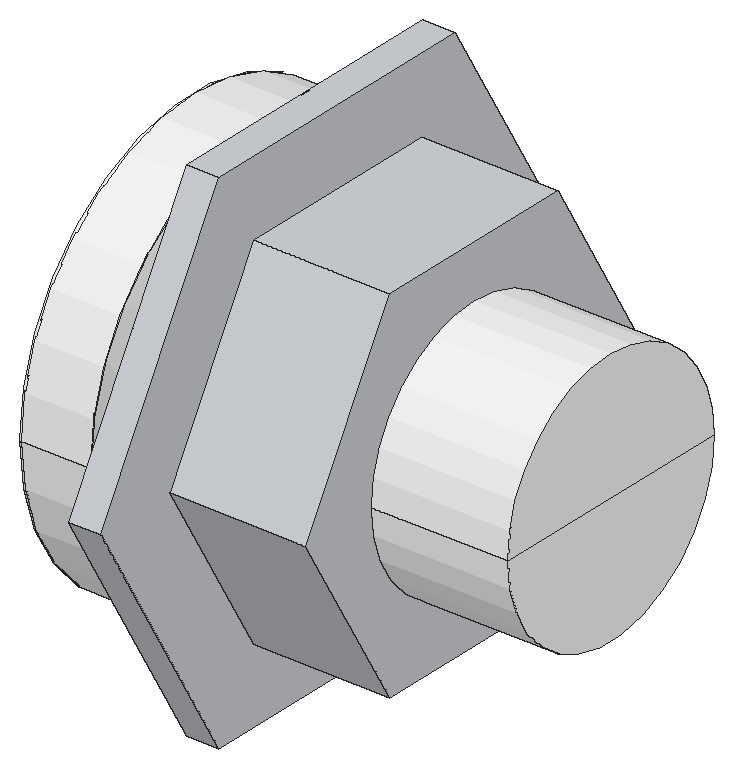
Revit family "BIMLIB_Американка НР_РОСТерм", category Соединительные детали трубопроводов, Revit 2017
Family settings
  Размер круглого соединителя = Использовать диаметр
  Тип детали = Соединение
  На основе рабочей плоскости = Нет
  Всегда вертикально = Да
  При загрузке вырезать с полостями = Нет
  Общий = Нет
Parameters (values of type "Муфта разъемная (американка) HP")
  Описание = "Муфта разъемная (американка) наружная резьба"  # constant formula
  K Coefficient = 0.7  # constant formula
  Изготовитель = "РОСТерм"
  РТ_dL [instance] = РТ_L - РТ_L1 * 2  # 18 mm
  URL = "http://rostherm.ru/"
  РТ_S2 [instance] = size_lookup("Муфта разъемная (американка) HP", "РТ_S2", 0 mm, РТ_DN, РТ_GN)  # 63.5 mm
  РТ_S1 [instance] = size_lookup("Муфта разъемная (американка) HP", "РТ_S1", 0 mm, РТ_DN, РТ_GN)  # 45 mm
  РТ_L1 [instance] = size_lookup("Муфта разъемная (американка) HP", "РТ_L1", 0 mm, РТ_DN, РТ_GN)  # 17 mm
  РТ_L [instance] = size_lookup("Муфта разъемная (американка) HP", "РТ_L", 0 mm, РТ_DN, РТ_GN)  # 52 mm
  РТ_GN [instance] = 32 mm
  РТ_D_нар [instance] = РТ_DN * 1.35  # 54 mm
  РТ_DN [instance] = 40 mm
  РТ_D [instance] = РТ_D_нар + 10 mm  # 64 mm
  BL_Разработано = "support@bimlib.ru"  # constant formula
  BL_Email = "rostherm@bimlib.ru"  # constant formula
  BL_BIM library = "https://bimlib.pro/manufacturer/rosterm/1632/"
  ADSK_Примечание = ""
  ADSK_Позиция = ""
  ADSK_Обозначение = "ГОСТ 32415-2013"  # constant formula
  ADSK_Наименование краткое [instance] = size_lookup("КРнаим", "", "-", РТ_DN, РТ_GN)  # "Американка НР 40х1 1/4”"
  ADSK_Наименование [instance] = size_lookup("Муфта разъемная (американка) HP", "", "-", РТ_DN, РТ_GN)  # "Муфта разъемная (американка) наружная резьба 40x1 1/4”"
  ADSK_Материал = BIMLIB_Белый_РТ
  ADSK_Масса_Текст [instance] = ""
  ADSK_Масса = 1  # constant formula
  ADSK_Марка [instance] = size_lookup("марка", "", "-", РТ_DN, РТ_GN)  # "НР 40х1 1/4”"
  ADSK_Код изделия [instance] = size_lookup("код", "", "-", РТ_DN, РТ_GN)  # "BN21314"
  ADSK_Завод-изготовитель = "РОСТерм"  # constant formula
  ADSK_Единица измерения = "шт"  # constant formula
  ADSK_Версия Revit = "2017"
  ADSK_URL страницы изделия = "http://rostherm.ru/truby-i-fitingi-iz-polipropilena-pprt/"
  ADSK_URL документации изделия = "http://rostherm.ru/"
Reference planes
  plane 1 "По центру (Вперед/Назад)": y = 0
  plane 2: z = 0
  plane 3 "По центру (Влево/Вправо)": x = 0
  plane 4: x = -9
  plane 5: x = 9
  plane 6: y = 27
  plane 7: y = -27
  plane 8: x = 26
  plane 9: x = 5
  plane 10: y = 27
  plane 11: y = -27
  plane 12: y = 31.75
  plane 13: y = -31.75
  plane 14: x = 43
  plane 15: y = 16
  plane 16: y = -16
Forms (mm)
  Revolve 1, solid, material "BIMLIB_Белый_РТ" <- "ADSK_Материал", detail levels medium+fine
    sketch origin (0, 0, 0) x (1, 0, 0) y (0, 1, 0)
      loop
        arc (-8.5, 27) -> (-8.854, 26.854) -> (-9, 26.5) r 0.5
        line (-9, 26.5) -> (-9, 0) -> (0, 0) -> (0, 27) -> (-8.5, 27)
      axis (-9, 0) -> (0, 0)
    angle from 0 to 360
  Revolve 2, solid, material "BIMLIB_Белый_РТ" <- "ADSK_Материал", detail levels medium+fine
    sketch origin (0, 0, 0) x (1, 0, 0) y (0, 1, 0)
      loop
        line (0, 0) -> (5, 0) -> (5, 31.75) -> (0, 27) -> (0, 0)
      axis (0, 0) -> (5, 0)
    angle from 0 to 360
  Revolve 3, solid, material "BIMLIB_Белый_РТ" <- "ADSK_Материал", detail levels medium+fine
    sketch origin (0, 0, 0) x (1, 0, 0) y (0, 1, 0)
      loop
        line (26, 16) -> (26, 0) -> (43, 0) -> (43, 16) -> (26, 16)
      axis (26, 0) -> (43, 0)
    angle from 0 to 360
Lines and regions (mm)
  reference lines
    curve 1: line (-9, 0, 0) -> (26, 0, 0)
Dimensions and locks
  equal spacing: plane 4, plane 3 "По центру (Влево/Вправо)", plane 5
  "РТ_dL": plane 4 to plane 5
  equal spacing: plane 6, plane 1 "По центру (Вперед/Назад)", plane 7
  "РТ_D_нар": plane 6 to plane 7
  plane 3 "По центру (Влево/Вправо)" to plane 9 = 5 mm
  equal spacing: plane 10, plane 1 "По центру (Вперед/Назад)", plane 11
  "РТ_D_нар": plane 10 to plane 11
  equal spacing: plane 12, plane 1 "По центру (Вперед/Назад)", plane 13
  "РТ_S2": plane 12 to plane 13
  "РТ_L": plane 4 to plane 14
  "РТ_L1": plane 8 to plane 14
  equal spacing: plane 15, plane 1 "По центру (Вперед/Назад)", plane 16
  "РТ_GN": plane 15 to plane 16
  radius of Revolve 1 sketch curve = 0.5 mm
  aligned and locked: level to plane 2
  aligned and locked: Revolve 1 sketch curve to plane 6
  aligned and locked: plane 4 to Revolve 1 sketch curve
  aligned and locked: Revolve 1 sketch curve to plane 1 "По центру (Вперед/Назад)"
  aligned and locked: Revolve 1 sketch curve to Revolve 1 sketch curve  (x2)
  aligned and locked: plane 1 "По центру (Вперед/Назад)" to nested 1
  aligned and locked: plane 3 "По центру (Влево/Вправо)" to nested 1
  aligned and locked: plane 4 to nested 1
  aligned and locked: plane 4 to curve 1
  aligned and locked: plane 1 "По центру (Вперед/Назад)" to curve 1
  aligned and locked: plane 1 "По центру (Вперед/Назад)" to nested 2
  aligned and locked: plane 2 to nested 2
  aligned and locked: plane 5 to nested 2
  aligned and locked: nested 2 to plane 8
  aligned and locked: nested 1 to plane 8
  aligned and locked: plane 8 to curve 1
  aligned and locked: plane 2 to nested 3
  aligned and locked: plane 1 "По центру (Вперед/Назад)" to nested 3
  aligned and locked: plane 5 to nested 3
  aligned and locked: plane 9 to nested 3
  aligned and locked: plane 1 "По центру (Вперед/Назад)" to Revolve 2 sketch curve
  aligned and locked: Revolve 2 sketch curve to Revolve 1
  aligned and locked: plane 9 to Revolve 2 sketch curve
  aligned and locked: plane 10 to Revolve 2 sketch curve
  aligned and locked: plane 12 to Revolve 2 sketch curve
  aligned and locked: Revolve 2 sketch curve to Revolve 2 sketch curve
  aligned and locked: Revolve 3 sketch curve to plane 15
  aligned and locked: Revolve 3 sketch curve to plane 8
  aligned and locked: Revolve 3 sketch curve to plane 1 "По центру (Вперед/Назад)"
  aligned and locked: Revolve 3 sketch curve to plane 14
  aligned and locked: Revolve 3 sketch curve to Revolve 3 sketch curve  (x2)
Automatic sketch dimensions
  Revolve 1 sketch curve to plane 3 "По центру (Влево/Вправо)" = 0 mm  (x2)
  Revolve 1 sketch curve to Revolve 1 sketch curve = 0 mm
  Revolve 2 sketch curve to plane 3 "По центру (Влево/Вправо)" = 0 mm
  Revolve 2 sketch curve to plane 9 = 0 mm
  Revolve 3 sketch curve to plane 14 = 0 mm
  Revolve 3 sketch curve to Revolve 3 sketch curve = 2 mm
Nested families
  nested 1: "УГО_Переходник" at (0, 0, 0), Высота_ном <- "РТ_D", type "УГО_Переходник", detail levels coarse
    with Длина_ном 26 mm, Длина ном1 9 mm, Высота_ном 64 mm
  nested 2: "Гайка" at (9, 0, 0), S <- "РТ_S1", type "Гайка", detail levels medium+fine
    with h 17 mm, S 45 mm
  nested 3: "Гайка" at (5, 0, 0), S <- "РТ_S2", type "Гайка", detail levels medium+fine
    with h 4 mm, S 63.5 mm
Connectors
  piping at (-9, 0, 0), diameter 40, driven by "РТ_DN"
    settings: on curve 1, index 1, connector inside diameter 609.6 mm, connector length 0 mm, flow factor 0, pipe flow 0.0 L/s, pressure drop 0.0 Pa, fitting loss kfactor 0, connector angle 0.00°, fixture units 0, engagement length 0 mm, angle of deflection 0.00°, flow configuration 0, flow direction 0, fitting loss method 4, system type 28, joint type 0, gender type 0, connector reference index 2, connector utility 0, adjustable connector yes, is connector primary yes, connector description ""
  piping at (26, 0, 0), diameter 32, driven by "РТ_GN"
    settings: on curve 1, index 2, connector inside diameter 609.6 mm, connector length 0 mm, flow factor 0, pipe flow 0.0 L/s, pressure drop 0.0 Pa, fitting loss kfactor 0, connector angle 0.00°, fixture units 0, engagement length 0 mm, angle of deflection 0.00°, flow configuration 0, flow direction 0, fitting loss method 4, system type 28, joint type 0, gender type 0, connector reference index 1, connector utility 0, adjustable connector yes, is connector primary no, connector description ""
Definition of nested family "Гайка"
  Parameters (values of type "Гайка 6")
    h [instance] = 12 mm
    S [instance] = 32 mm
  Reference planes
    plane 1 "По центру (Вперед/Назад)": y = 0
    plane 2: z = 0
    plane 3 "По центру (Влево/Вправо)": x = 0
    plane 4: x = 12
  Forms (mm)
    Extrusion 1, solid, detail levels medium+fine
      sketch origin (0, 0, 0) x (0, 1, 0) y (0, 0, 1)
        loop
          line (-9.238, 16) -> (-18.475, 0) -> (-9.238, -16) -> (9.238, -16) -> (18.475, 0) -> (9.238, 16) -> (-9.238, 16)
      from 0 to 12
  Dimensions and locks
    equal spacing: Extrusion 1 sketch curve, plane 2, Extrusion 1 sketch curve  (x3)
    "S": Extrusion 1 sketch curve to Extrusion 1 sketch curve  (x3)
    "h": plane 3 "По центру (Влево/Вправо)" to plane 4
    locked: Extrusion 1 sketch curve to Extrusion 1 sketch curve (angle 120.00°)  (x5)
    aligned and locked: level to plane 2
    aligned and locked: plane 4 to Extrusion 1
Definition of nested family "УГО_Переходник"
  Parameters (values of type "УГО_Переходник")
    Длина_ном [instance] = 70 mm
    Длина ном1 [instance] = 70 mm
    Высота_ном [instance] = 40 mm
  Reference planes
    plane 1 "По центру (Вперед/Назад)": y = 0
    plane 2: z = 0
    plane 3 "По центру (Влево/Вправо)": x = 0
    plane 4: z = 20
    plane 5: z = -20
    plane 6: x = -70
    plane 7: x = 70
    plane 8: y = 20
    plane 9: y = -20
  Lines and regions (mm)
    model lines, detail levels coarse+medium
      curve 1: line (-70, 0, 20) -> (-70, 0, -20)
      curve 8: line (-70, 0, -20) -> (70, 0, 0)
      curve 9: line (-70, 0, 20) -> (70, 0, 0)
    symbolic lines, detail levels coarse+medium
      curve 2: line (-70, -20, 0) -> (-70, 20, 0)
      curve 6: line (-70, 20, 0) -> (70, 0, 0)
      curve 7: line (-70, -20, 0) -> (70, 0, 0)
    model lines, not visible, detail levels coarse+medium
      curve 3: line (-70, -20, 0) -> (-70, 20, 0)
      curve 4: line (-70, 20, 0) -> (70, 0, 0)
      curve 5: line (-70, -20, 0) -> (70, 0, 0)
  Dimensions and locks
    equal spacing: plane 4, plane 2, plane 5
    "Высота_ном": plane 4 to plane 5
    equal spacing: plane 8, plane 1 "По центру (Вперед/Назад)", plane 9
    "Высота_ном": plane 8 to plane 9
    "Длина_ном": plane 3 "По центру (Влево/Вправо)" to plane 7
    "Длина ном1": plane 6 to plane 3 "По центру (Влево/Вправо)"
    aligned and locked: level to plane 2
    aligned and locked: plane 9 to curve 5
    aligned and locked: plane 1 "По центру (Вперед/Назад)" to curve 5
    aligned and locked: plane 8 to curve 6
    aligned and locked: plane 6 to curve 6
    aligned and locked: plane 4 to curve 9
    aligned and locked: plane 7 to curve 9
    aligned and locked: plane 7 to curve 5
    aligned and locked: plane 7 to curve 4
    aligned and locked: plane 6 to curve 1
    aligned and locked: plane 6 to curve 9
    aligned and locked: plane 5 to curve 1
  Automatic sketch dimensions
    curve 8 to level = 0 mm
    curve 6 to plane 7 = 0 mm
